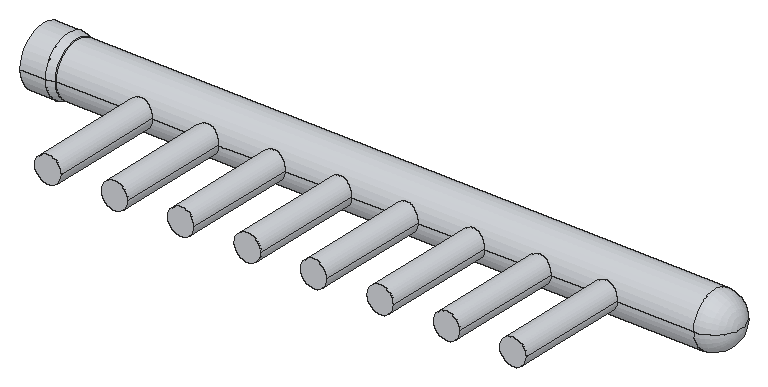
Revit family
Parameters (values of type "69.6kW 이하 (8실)")
  URL = "http://www.samsungb2b.co.kr"
  Radius_OutletOD = Radius_Outlet + 1.1 mm  # 9.05 mm
  Radius_Outlet = Diameter_Outlet * 0.5  # 7.95 mm
  Radius_InletOD = Radius_Inlet + 1.6 mm  # 17.5 mm
  Radius_Inlet = Diameter_Inlet * 0.5  # 15.9 mm
  Model = "AXJ-HA3819*"  # constant formula
  Manufacturer = "SAMSUNG ELECTRONICS CO., LTD."  # constant formula
  Length_W = 84.0 mm
  Length_L = 420.0 mm
  EHP-ACC_07 = "AXJ-HA3115*"
  EHP-ACC_06 = "69.6kW 이하 (8실)"
  EHP-ACC_05 = "헤더 분기관 (가스관)"
  EHP-ACC_04 = ""
  EHP-ACC_03 = "설치 액세서리"
  EHP-ACC_02 = 1
  EHP-ACC_01 = ""
  Distance_D2 = 40.0 mm
  Distance_D1 = 70.0 mm
  Diameter_Outlet = 15.9 mm
  Diameter_Inlet = 31.8 mm
Types (3, lengths in mm): name | Radius_InletOD | Radius_Inlet | EHP-ACC_07 | EHP-ACC_06 | Diameter_Inlet
  (no name) | 17.5 | 15.9 | "AXJ-HA3115*" | "69.6kW 이하 (8실)" | 31.8
  69.6kW 이하 (8실) | 17.5 | 15.9 | "AXJ-HA3115*" | "69.6kW 이하 (8실)" | 31.8
  69.6kW 이상 (8실) | 20.65 | 19.05 | "AXJ-HA3819*" | "69.6kW 이상 (8실)" | 38.1
Reference planes
  plane 1 "Center (Front/Back)": y = 0
  plane 2: z = 0
  plane 3 "Center (Left/Right)": x = 0
  plane 4: x = -210
  plane 5: x = 210
  plane 6: y = -84
  plane 7 "가지관1": x = -140
  plane 8: x = -100
  plane 9: x = -60
  plane 10: x = -20
  plane 11: x = 20
  plane 12: x = -195
  plane 13: x = -190
  plane 14: x = 60
  plane 15: x = 100
  plane 16: x = 140
Forms (mm)
  Revolve 1, solid
    sketch origin (0, 0, 0) x (1, 0, 0) y (0, 1, 0)
      loop
        line (-210, 0) -> (-190, 0) -> (-190, 15.9) -> (-194.844, 17.5) -> (-210, 17.5) -> (-210, 0)
      axis (-210, 0) -> (-190, 0)
    angle from 0 to 360
  Revolve 2, solid
    sketch origin (0, 0, 0) x (1, 0, 0) y (0, 1, 0)
      loop
        line (-190, 0) -> (210, 0)
        arc (210, 0) -> (205.343, 11.243) -> (194.1, 15.9) r 15.9
        line (194.1, 15.9) -> (-190, 15.9) -> (-190, 0)
      axis (210, 0) -> (-190, 0)
    angle from 0 to 360
  Sweep 3, solid
    path origin (0, 0, 0) x (1, 0, 0) y (0, 1, 0)
      loop
        line (-140, 0) -> (-140, -84)
    profile "Profile_Circle : Profile_Circle_Outlet" origin (-140, -42, 0) x (1, 0, 0) y (0, 0, 1)
      loop
        circle (0, 0) r 7.95
  Sweep 4, solid
    path origin (0, 0, 0) x (1, 0, 0) y (0, 1, 0)
      loop
        line (-60, 0) -> (-60, -84)
    profile "Profile_Circle : Profile_Circle_Outlet" origin (-60, -42, 0) x (1, 0, 0) y (0, 0, 1)
      loop
        circle (0, 0) r 7.95
  Sweep 5, solid
    path origin (0, 0, 0) x (1, 0, 0) y (0, 1, 0)
      loop
        line (-20, 0) -> (-20, -84)
    profile "Profile_Circle : Profile_Circle_Outlet" origin (-20, -42, 0) x (1, 0, 0) y (0, 0, 1)
      loop
        circle (0, 0) r 7.95
  Sweep 6, solid
    path origin (0, 0, 0) x (1, 0, 0) y (0, 1, 0)
      loop
        line (20, 0) -> (20, -84)
    profile "Profile_Circle : Profile_Circle_Outlet" origin (20, -42, 0) x (1, 0, 0) y (0, 0, 1)
      loop
        circle (0, 0) r 7.95
  Sweep 7, solid
    path origin (0, 0, 0) x (1, 0, 0) y (0, 1, 0)
      loop
        line (-100, 0) -> (-100, -84)
    profile "Profile_Circle : Profile_Circle_Outlet" origin (-100, -42, 0) x (1, 0, 0) y (0, 0, 1)
      loop
        circle (0, 0) r 7.95
  Sweep 8, solid
    path origin (0, 0, 0) x (1, 0, 0) y (0, 1, 0)
      loop
        line (60, 0) -> (60, -84)
    profile "Profile_Circle : Profile_Circle_Outlet" origin (60, -42, 0) x (1, 0, 0) y (0, 0, 1)
      loop
        circle (0, 0) r 7.95
  Sweep 9, solid
    path origin (0, 0, 0) x (1, 0, 0) y (0, 1, 0)
      loop
        line (100, 0) -> (100, -84)
    profile "Profile_Circle : Profile_Circle_Outlet" origin (100, -42, 0) x (1, 0, 0) y (0, 0, 1)
      loop
        circle (0, 0) r 7.95
  Sweep 10, solid
    path origin (0, 0, 0) x (1, 0, 0) y (0, 1, 0)
      loop
        line (140, 0) -> (140, -84)
    profile "Profile_Circle : Profile_Circle_Outlet" origin (140, -42, 0) x (1, 0, 0) y (0, 0, 1)
      loop
        circle (0, 0) r 7.95
Cuts and joins
  joined: Revolve 2, Sweep 3, Sweep 4, Sweep 5, Sweep 6, Sweep 7, Sweep 8, Sweep 9, Sweep 10
Dimensions and locks
  equal spacing: plane 4, plane 3 "Center (Left/Right)", plane 5
  "Length_W": plane 6 to plane 1 "Center (Front/Back)"
  "Length_L": plane 4 to plane 5
  "Distance_D1": plane 4 to plane 7 "가지관1"
  "Radius_InletOD": plane 1 "Center (Front/Back)" to Revolve 1 sketch curve
  "Radius_Inlet": plane 1 "Center (Front/Back)" to Revolve 1 sketch curve
  "Radius_Inlet": plane 1 "Center (Front/Back)" to Revolve 2 sketch curve
  locked: plane 4 to plane 13 at 20
  plane 12 to plane 13 = 5.0 mm
  equal spacing: plane 7 "가지관1", plane 8, plane 9, plane 10, plane 11, plane 14, plane 15, plane 16
  "Distance_D2": plane 7 "가지관1" to plane 8
  "Radius_Inlet": radius of Revolve 2 sketch curve
  aligned and locked: Revolve 1 sketch curve to plane 1 "Center (Front/Back)"
  aligned and locked: Revolve 2 sketch curve to plane 1 "Center (Front/Back)"  (x2)
  aligned and locked: plane 13 to Revolve 2 sketch curve
Automatic sketch dimensions
  Revolve 2 sketch curve to plane 5 = 0.0 mm
  Revolve 2 sketch curve to plane 4 = 30.0 mm
  plane 10 to Revolve 2 sketch curve = 20.0 mm
  Revolve 1 sketch curve to plane 4 = 0.0 mm
  plane 12 to Revolve 1 sketch curve = 0.156 mm
  Revolve 1 sketch curve to plane 13 = 0.0 mm
  plane 1 "Center (Front/Back)" to Revolve 1 sketch curve = 0.0 mm
  Revolve 1 sketch curve to plane 7 "가지관1" = 0.0 mm
  plane 13 to Revolve 1 sketch curve = 2.621 mm
  Sweep 3 sketch curve to plane 6 = 0.0 mm
  Sweep 3 sketch curve to plane 7 "가지관1" = 0.0 mm
  plane 1 "Center (Front/Back)" to Sweep 3 sketch curve = 0.0 mm
  Sweep 4 sketch curve to plane 6 = 0.0 mm
  Sweep 4 sketch curve to plane 9 = 0.0 mm
  plane 1 "Center (Front/Back)" to Sweep 4 sketch curve = 0.0 mm
  Sweep 5 sketch curve to plane 6 = 0.0 mm
  Sweep 5 sketch curve to plane 10 = 0.0 mm
  plane 1 "Center (Front/Back)" to Sweep 5 sketch curve = 0.0 mm
  Sweep 6 sketch curve to plane 6 = 0.0 mm
  Sweep 6 sketch curve to plane 11 = 0.0 mm
  plane 1 "Center (Front/Back)" to Sweep 6 sketch curve = 0.0 mm
  Sweep 7 sketch curve to plane 6 = 0.0 mm
  Sweep 7 sketch curve to plane 8 = 0.0 mm
  plane 1 "Center (Front/Back)" to Sweep 7 sketch curve = 0.0 mm
  Sweep 8 sketch curve to plane 6 = 0.0 mm
  Sweep 8 sketch curve to plane 14 = 0.0 mm
  plane 1 "Center (Front/Back)" to Sweep 8 sketch curve = 0.0 mm
  Sweep 9 sketch curve to plane 6 = 0.0 mm
  Sweep 9 sketch curve to plane 15 = 0.0 mm
  plane 1 "Center (Front/Back)" to Sweep 9 sketch curve = 0.0 mm
  Sweep 10 sketch curve to plane 6 = 0.0 mm
  Sweep 10 sketch curve to plane 16 = 0.0 mm
  plane 1 "Center (Front/Back)" to Sweep 10 sketch curve = 0.0 mm
Connectors
  piping at (-210, 0, 0), driven by "Radius_Inlet"
    settings: on Revolve 1, index 1
  piping at (-140, -84, 0), driven by "Radius_Outlet"
    settings: on cut or joined group of Revolve 2, Sweep 3, Sweep 4, Sweep 5, Sweep 6, Sweep 7, Sweep 8, Sweep 9, Sweep 10, index 2
  piping at (-100, -84, 0), driven by "Radius_Outlet"
    settings: on cut or joined group of Revolve 2, Sweep 3, Sweep 4, Sweep 5, Sweep 6, Sweep 7, Sweep 8, Sweep 9, Sweep 10, index 3
  piping at (-60, -84, 0), driven by "Radius_Outlet"
    settings: on cut or joined group of Revolve 2, Sweep 3, Sweep 4, Sweep 5, Sweep 6, Sweep 7, Sweep 8, Sweep 9, Sweep 10, index 4
  piping at (-20, -84, 0), driven by "Radius_Outlet"
    settings: on cut or joined group of Revolve 2, Sweep 3, Sweep 4, Sweep 5, Sweep 6, Sweep 7, Sweep 8, Sweep 9, Sweep 10, index 5
  piping at (20, -84, 0), driven by "Radius_Outlet"
    settings: on cut or joined group of Revolve 2, Sweep 3, Sweep 4, Sweep 5, Sweep 6, Sweep 7, Sweep 8, Sweep 9, Sweep 10, index 6
  piping at (60, -84, 0), driven by "Radius_Outlet"
    settings: on cut or joined group of Revolve 2, Sweep 3, Sweep 4, Sweep 5, Sweep 6, Sweep 7, Sweep 8, Sweep 9, Sweep 10, index 7
  piping at (100, -84, 0), driven by "Radius_Outlet"
    settings: on cut or joined group of Revolve 2, Sweep 3, Sweep 4, Sweep 5, Sweep 6, Sweep 7, Sweep 8, Sweep 9, Sweep 10, index 8
  piping at (140, -84, 0), driven by "Radius_Outlet"
    settings: on cut or joined group of Revolve 2, Sweep 3, Sweep 4, Sweep 5, Sweep 6, Sweep 7, Sweep 8, Sweep 9, Sweep 10, index 9
